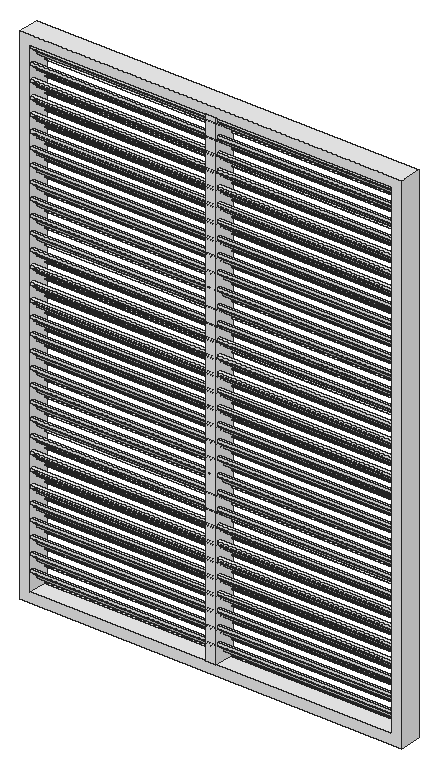
Revit family
Parameters (values of type "AG5")
  폭 1 = Width - 90 mm  # 1710 mm
  그릴 두께 = 100 mm
  Grill Panel 갯수 = 32
  그릴 패널 = AG5 그릴 패널
  그릴 프레임 = AG5 그릴 프레임
  프레임 투영 외부. = 25 mm
  프레임 투영 내부. = 25 mm
  프레임 폭 = 75 mm
  Height = 3000 mm
  Wall Closure = (empty or 0)
  Width = 1800 mm
  기본 씰 높이 = 600 mm
Types (3, lengths in mm): name | 그릴 패널 | 그릴 프레임 | Height | 기본 씰 높이
  (no name) | AG5 그릴 패널 | AG5 그릴 프레임 | 3000 | 600
  AG5 | AG5 그릴 패널 | AG5 그릴 프레임 | 3000 | 600
  AG6 | AG6 그릴 패널 | AG6 그릴 프레임 | 4500 | 2100
Reference planes
  plane 1: y = 0
  plane 2 "중심(왼쪽/오른쪽)": x = 0
  plane 3 "외부": y = 75
  plane 4 "내부": y = -75
  plane 5: y = -25
  plane 6: z = 600
  plane 7: z = 3000
  plane 8: x = -900
  plane 9: x = 900
  plane 10: x = -854.925
  plane 11: x = 854.925
  plane 12: x = -25
  plane 13: x = 25
  plane 14: z = 2954.925
  plane 15: z = 645.075
  plane 16: y = 72
Forms (mm)
  Extrusion 1, solid, material "AG5 그릴 프레임" <- "그릴 프레임"
    sketch origin (0, 0, 0) x (1, 0, 0) y (0, 1, 0)
      loop
        line (-25, 75) -> (-25, -25) -> (25, -25) -> (25, 75) -> (-25, 75)
    from 645.075 to 2954.925
  Extrusion 2, solid, material "AG5 그릴 프레임" <- "그릴 프레임"
    sketch origin (0, 75, 0) x (1, 0, 0) y (0, 0, 1)
      loop
        line (900, 3000) -> (-900, 3000) -> (-900, 600) -> (900, 600) -> (900, 3000)
      loop
        line (854.925, 2954.925) -> (-854.925, 2954.925) -> (-854.925, 645.075) -> (854.925, 645.075) -> (854.925, 2954.925)
    from 0 to 100
Lines and regions (mm)
  Opening 1
    outline origin (-5000, -75, 0) x (1, 0, 0) y (0, 0, 1)
      loop
        line (5900, 3000) -> (4100, 3000) -> (4100, 600) -> (5900, 600) -> (5900, 3000)
Text (mm)
  text "외부" at (-2295.016, 1099.543, 0), in view "참조 레벨"
  text "외부" at (0, 1615.38, 3698.081), in view "왼쪽"
  text "외부" at (0, 1036.032, 3874.932), in view "오른쪽"
Dimensions and locks
  locked: plane 3 "외부" to host wall at 0
  locked: plane 4 "내부" to host wall
  host wall to host wall = 5000 mm
  "그릴 두께": plane 5 to plane 3 "외부"
  equal spacing: plane 8, plane 2 "중심(왼쪽/오른쪽)", plane 9
  "Width": plane 8 to plane 9
  "Height": level to plane 7
  locked: plane 8 to plane 10 at 45.075
  locked: plane 11 to plane 9 at 45.075
  plane 12 to plane 2 "중심(왼쪽/오른쪽)" to plane 13 = 25 mm locked, 25 mm locked
  locked: plane 14 to plane 7 at 45.075
  locked: plane 6 to plane 15 at 45.075
  "기본 씰 높이": level to plane 6
  locked: host wall to plane 16 at 3
  equal spacing: group 1, group 3, group 4, group 5, group 6, group 7, group 8, group 9, group 10, group 11, group 12, group 13, group 14, group 15, group 16, group 17, group 18, group 19, group 20, group 21, group 22, group 23, group 24, group 25, group 26, group 27, group 28, group 29, group 30, group 31, group 32, group 2  (x2)
  equal spacing: group 2, group 32, group 31, group 30, group 29, group 28, group 27, group 26, group 25, group 24, group 23, group 22, group 21, group 20, group 19, group 18, group 17, group 16, group 15, group 14, group 13, group 12, group 11, group 10, group 9, group 8, group 7, group 6, group 5, group 4, group 3, group 1
  aligned and locked: plane 1 to host wall
  aligned and locked: plane 9 to Opening 1 sketch curve
  aligned and locked: plane 7 to Opening 1 sketch curve
  aligned and locked: plane 6 to Opening 1 sketch curve
  aligned and locked: Opening 1 sketch curve to plane 8
  aligned and locked: plane 12 to Extrusion 1 sketch curve
  aligned and locked: plane 3 "외부" to Extrusion 1 sketch curve
  aligned and locked: plane 5 to Extrusion 1 sketch curve
  aligned and locked: Extrusion 1 sketch curve to plane 13
  aligned and locked: plane 14 to Extrusion 1
  aligned and locked: Extrusion 1 to plane 15
  aligned and locked: Extrusion 2 sketch curve to plane 7
  aligned and locked: Extrusion 2 sketch curve to plane 9
  aligned and locked: plane 6 to Extrusion 2 sketch curve
  aligned and locked: plane 8 to Extrusion 2 sketch curve
  aligned and locked: Extrusion 2 sketch curve to plane 14
  aligned and locked: plane 11 to Extrusion 2 sketch curve
  aligned and locked: plane 15 to Extrusion 2 sketch curve
  aligned and locked: Extrusion 2 sketch curve to plane 10
  aligned and locked: Extrusion 2 to plane 3 "외부"
  aligned and locked: plane 5 to Extrusion 2
  aligned and locked: plane 2 "중심(왼쪽/오른쪽)" to nested 1
  aligned and locked: nested 1 to plane 16
  aligned and locked: nested 1 to Extrusion 2
  aligned and locked: nested 2 to plane 16
  aligned and locked: nested 2 to Extrusion 2
Nested families
  nested 1: "셔터 블레이드" at (0, -21.656, 2954.925), type "셔터 블레이드"
    with 폭 1710 mm
  nested 2: "셔터 블레이드" at (0, -21.656, 740.233), type "셔터 블레이드"
    with 폭 1710 mm
  nested 3: "셔터 블레이드" at (0, -21.656, 2883.483), type "셔터 블레이드"
    with 폭 1710 mm
  nested 4: "셔터 블레이드" at (0, -21.656, 2812.042), type "셔터 블레이드"
    with 폭 1710 mm
  nested 5: "셔터 블레이드" at (0, -21.656, 2740.6), type "셔터 블레이드"
    with 폭 1710 mm
  nested 6: "셔터 블레이드" at (0, -21.656, 2669.158), type "셔터 블레이드"
    with 폭 1710 mm
  nested 7: "셔터 블레이드" at (0, -21.656, 2597.717), type "셔터 블레이드"
    with 폭 1710 mm
  nested 8: "셔터 블레이드" at (0, -21.656, 2526.275), type "셔터 블레이드"
    with 폭 1710 mm
  nested 9: "셔터 블레이드" at (0, -21.656, 2454.833), type "셔터 블레이드"
    with 폭 1710 mm
  nested 10: "셔터 블레이드" at (0, -21.656, 2383.392), type "셔터 블레이드"
    with 폭 1710 mm
  nested 11: "셔터 블레이드" at (0, -21.656, 2311.95), type "셔터 블레이드"
    with 폭 1710 mm
  nested 12: "셔터 블레이드" at (0, -21.656, 2240.508), type "셔터 블레이드"
    with 폭 1710 mm
  nested 13: "셔터 블레이드" at (0, -21.656, 2169.067), type "셔터 블레이드"
    with 폭 1710 mm
  nested 14: "셔터 블레이드" at (0, -21.656, 2097.625), type "셔터 블레이드"
    with 폭 1710 mm
  nested 15: "셔터 블레이드" at (0, -21.656, 2026.183), type "셔터 블레이드"
    with 폭 1710 mm
  nested 16: "셔터 블레이드" at (0, -21.656, 1954.742), type "셔터 블레이드"
    with 폭 1710 mm
  nested 17: "셔터 블레이드" at (0, -21.656, 1883.3), type "셔터 블레이드"
    with 폭 1710 mm
  nested 18: "셔터 블레이드" at (0, -21.656, 1811.858), type "셔터 블레이드"
    with 폭 1710 mm
  nested 19: "셔터 블레이드" at (0, -21.656, 1740.417), type "셔터 블레이드"
    with 폭 1710 mm
  nested 20: "셔터 블레이드" at (0, -21.656, 1668.975), type "셔터 블레이드"
    with 폭 1710 mm
  nested 21: "셔터 블레이드" at (0, -21.656, 1597.533), type "셔터 블레이드"
    with 폭 1710 mm
  nested 22: "셔터 블레이드" at (0, -21.656, 1526.092), type "셔터 블레이드"
    with 폭 1710 mm
  nested 23: "셔터 블레이드" at (0, -21.656, 1454.65), type "셔터 블레이드"
    with 폭 1710 mm
  nested 24: "셔터 블레이드" at (0, -21.656, 1383.208), type "셔터 블레이드"
    with 폭 1710 mm
  nested 25: "셔터 블레이드" at (0, -21.656, 1311.767), type "셔터 블레이드"
    with 폭 1710 mm
  nested 26: "셔터 블레이드" at (0, -21.656, 1240.325), type "셔터 블레이드"
    with 폭 1710 mm
  nested 27: "셔터 블레이드" at (0, -21.656, 1168.883), type "셔터 블레이드"
    with 폭 1710 mm
  nested 28: "셔터 블레이드" at (0, -21.656, 1097.442), type "셔터 블레이드"
    with 폭 1710 mm
  nested 29: "셔터 블레이드" at (0, -21.656, 1026), type "셔터 블레이드"
    with 폭 1710 mm
  nested 30: "셔터 블레이드" at (0, -21.656, 954.558), type "셔터 블레이드"
    with 폭 1710 mm
  nested 31: "셔터 블레이드" at (0, -21.656, 883.117), type "셔터 블레이드"
    with 폭 1710 mm
  nested 32: "셔터 블레이드" at (0, -21.656, 811.675), type "셔터 블레이드"
    with 폭 1710 mm
Definition of nested family "셔터 블레이드"
  Parameters
    폭 = 1400 mm
    그릴 패널 = none
  Reference planes
    plane 1 "중심(앞/뒤)": y = 0
    plane 2: z = 0
    plane 3 "중심(왼쪽/오른쪽)": x = 0
    plane 4: x = -700
    plane 5: x = 700
  Forms (mm)
    Extrusion 1, solid, material <- "그릴 패널"
      sketch origin (-1827.286, -3.089, -2354.925) x (0, -1, 0) y (0, 0, 1)
        loop
          line (-15.61, 2354.925) -> (-15.61, 2352.922) -> (-5.092, 2352.922) -> (-5.092, 2343.354) -> (-60.985, 2311.084) -> (-59.983, 2309.349) -> (-52.711, 2313.548)
          arc (-52.711, 2313.548) -> (-43.568, 2311.098) -> (-46.018, 2301.955) r 6.693
          line (-46.018, 2301.955) -> (-71.766, 2287.09)
          arc (-71.766, 2287.09) -> (-71.967, 2288.591) -> (-72.782, 2289.867) r 3.506
          arc (-72.782, 2289.867) -> (-73.392, 2290.063) -> (-73.907, 2289.681) r 0.701
          arc (-73.907, 2289.681) -> (-74.029, 2289.222) -> (-73.83, 2288.79) r 0.701
          arc (-73.83, 2288.79) -> (-75.259, 2285.383) -> (-76.688, 2288.79) r 2.003
          arc (-76.688, 2288.79) -> (-76.489, 2289.222) -> (-76.611, 2289.681) r 0.701
          arc (-76.611, 2289.681) -> (-77.125, 2290.063) -> (-77.735, 2289.867) r 0.701
          arc (-77.735, 2289.867) -> (-78.713, 2286.783) -> (-76.749, 2284.213) r 3.506
          line (-76.749, 2284.213) -> (-96.745, 2272.494) -> (-96.745, 2259.767) -> (-84.224, 2259.767) -> (-84.224, 2261.77) -> (-94.741, 2261.77) -> (-94.741, 2271.338) -> (-45.016, 2300.22)
          arc (-45.016, 2300.22) -> (-40.804, 2309.286) -> (-47.903, 2316.324) r 8.697
          line (-47.903, 2316.324) -> (-28.368, 2327.602)
          arc (-28.368, 2327.602) -> (-28.167, 2326.101) -> (-27.352, 2324.824) r 3.506
          arc (-27.352, 2324.824) -> (-26.742, 2324.629) -> (-26.227, 2325.011) r 0.701
          arc (-26.227, 2325.011) -> (-26.105, 2325.47) -> (-26.304, 2325.901) r 0.701
          arc (-26.304, 2325.901) -> (-24.875, 2329.309) -> (-23.446, 2325.901) r 2.003
          arc (-23.446, 2325.901) -> (-23.645, 2325.47) -> (-23.523, 2325.011) r 0.701
          arc (-23.523, 2325.011) -> (-23.009, 2324.629) -> (-22.399, 2324.824) r 0.701
          arc (-22.399, 2324.824) -> (-21.421, 2327.908) -> (-23.385, 2330.479) r 3.506
          line (-23.385, 2330.479) -> (-3.089, 2342.197) -> (-3.089, 2354.925) -> (-15.61, 2354.925)
      from -1127.286 to -2527.286
  Dimensions and locks
    equal spacing: plane 4, plane 3 "중심(왼쪽/오른쪽)", plane 5
    "폭": plane 4 to plane 5
    aligned and locked: Extrusion 1 to plane 4
    aligned and locked: plane 5 to Extrusion 1
  Automatic sketch dimensions
    Extrusion 1 sketch curve to Extrusion 1 sketch curve = 0 mm  (x22)
    Extrusion 1 sketch curve to level = 0 mm
    Extrusion 1 sketch curve to plane 1 "중심(앞/뒤)" = 0 mm
    Extrusion 1 sketch curve to plane 1 "중심(앞/뒤)" = 2.003 mm
    Extrusion 1 sketch curve to level = 2.003 mm
    Extrusion 1 sketch curve to Extrusion 1 sketch curve = 10.517 mm  (x2)
    Extrusion 1 sketch curve to plane 1 "중심(앞/뒤)" = 19.31 mm
    Extrusion 1 sketch curve to Extrusion 1 sketch curve = 0.495 mm  (x4)
    Extrusion 1 sketch curve to Extrusion 1 sketch curve = 0.053 mm  (x4)
    Extrusion 1 sketch curve to Extrusion 1 sketch curve = 0.439 mm
    Extrusion 1 sketch curve to Extrusion 1 sketch curve = 0.5 mm  (x3)
    Extrusion 1 sketch curve to Extrusion 1 sketch curve = 0.629 mm  (x2)
    Extrusion 1 sketch curve to Extrusion 1 sketch curve = 1.429 mm  (x2)
    Extrusion 1 sketch curve to Extrusion 1 sketch curve = 1.352 mm  (x2)
    Extrusion 1 sketch curve to Extrusion 1 sketch curve = 0.076 mm  (x2)
    Extrusion 1 sketch curve to Extrusion 1 sketch curve = 2.065 mm
    Extrusion 1 sketch curve to Extrusion 1 sketch curve = 17.665 mm
    Extrusion 1 sketch curve to Extrusion 1 sketch curve = 1.002 mm  (x2)
    Extrusion 1 sketch curve to Extrusion 1 sketch curve = 1.885 mm
    Extrusion 1 sketch curve to Extrusion 1 sketch curve = 3.347 mm
    Extrusion 1 sketch curve to Extrusion 1 sketch curve = 4.809 mm
    Extrusion 1 sketch curve to Extrusion 1 sketch curve = 7.272 mm
    Extrusion 1 sketch curve to level = 43.841 mm
    Extrusion 1 sketch curve to Extrusion 1 sketch curve = 11.782 mm
    Extrusion 1 sketch curve to Extrusion 1 sketch curve = 1.017 mm
    Extrusion 1 sketch curve to Extrusion 1 sketch curve = 1.49 mm
    Extrusion 1 sketch curve to Extrusion 1 sketch curve = 0.576 mm
    Extrusion 1 sketch curve to Extrusion 1 sketch curve = 7.475 mm
    Extrusion 1 sketch curve to Extrusion 1 sketch curve = 2.003 mm  (x2)
    Extrusion 1 sketch curve to Extrusion 1 sketch curve = 1.735 mm  (x2)
    Extrusion 1 sketch curve to Extrusion 1 sketch curve = 5.796 mm
    Extrusion 1 sketch curve to Extrusion 1 sketch curve = 19.482 mm
    Extrusion 1 sketch curve to Extrusion 1 sketch curve = 0.186 mm  (x2)
    Extrusion 1 sketch curve to Extrusion 1 sketch curve = 11.718 mm
    Extrusion 1 sketch curve to Extrusion 1 sketch curve = 1.157 mm  (x2)
    Extrusion 1 sketch curve to Extrusion 1 sketch curve = 9.568 mm
    Extrusion 1 sketch curve to Extrusion 1 sketch curve = 18.53 mm
